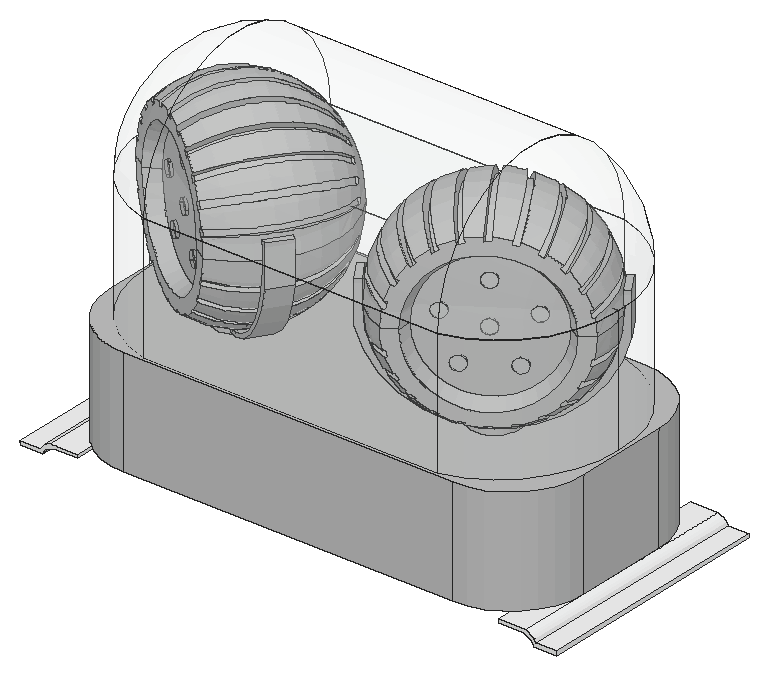
Revit family "DYNRDHL-FP", category Lighting Fixtures, host Face, Revit 2019
Family settings
  Host = Face
  Round Connector Dimension = Use Diameter
  Part Type = Normal
  OmniClass Number = 23.85.80.11.27
  OmniClass Title = Lighting Controls
  Cut with Voids When Loaded = No
  Light Source = No
  Shared = Yes
  Room Calculation Point = No
Parameters
  Width = 9 25/32"
  Wattage Comments = "32 W"
  Warranty = "5 Years Limited"  # constant formula
  Type Comments = "Light Fixture"  # constant formula
  Product Page URL = ""
  Product Documentation Link = ""
  URL = "https://www.currentlighting.com/dual-Lite"
  Model = "DYNRDHL-FP"
  Manufacturer = "Current Lighting"
  Lens Element = Glass
  Lamp = "LED"
  Glass = Glass
  Features = "High lumen, high mounting height\r\n•  Up to 168’ multi-unit spacing\r\n•  90-minute full lumen output\r\n•  Self-test/self-diagnostics standard\r\n•  Wet and NEMA 4X application\r\n•  Food processing option\r\n•  Remote laser tester option\r\n•  Long-life lithium iron phosphate battery\r\n•  CEC T20 compliant\r\n•  Matching remote heads"  # constant formula
  Description = "NEMA 4X HIGH LUMEN INDUSTRIAL LED EMERGENCY LIGHT"  # constant formula
  Depth [instance] = 4"
  Default Elevation = 48"
  Create Date = ""
  Copyright = "© 2022 HLI Solutions, Inc"
  Contact Us = "https://www.currentlighting.com/contact-us"
  Housing Material = Finish - Gray
  Certifications = ""
  Assembly Code = ""
  Apparent Load = 32 VA
  Angle = 90.00°
Reference planes (in)
  plane 1 "Center (Front/Back)": y = 10.63342
  plane 2: z = 0
  plane 3 "Center (Left/Right)": x = 0
  plane 4: z = -4
  plane 5: z = 0.25
  plane 6: x = -4.89062
  plane 7: x = 4.89063
  plane 8: y = 16.43811
  plane 9: y = 4.82873
  plane 10: x = 2.44531
  plane 11: x = -2.44531
  plane 12: y = 7.32873
Forms (in)
  Extrusion 1, solid, material "Finish - Gray" <- "Housing Material"
    sketch origin (0, 0.75, 0) x (1, 0, 0) y (0, 1, 0)
      loop
        arc (-3.64062, 12.01873) -> (-4.52451, 11.65262) -> (-4.89062, 10.76873) r 1.25
        line (-4.89062, 10.76873) -> (-4.89062, 8.57873)
        arc (-4.89062, 8.57873) -> (-4.45129, 7.51807) -> (-3.39062, 7.07873) r 1.5
        line (-3.39062, 7.07873) -> (3.39063, 7.07873)
        arc (3.39063, 7.07873) -> (4.45129, 7.51807) -> (4.89063, 8.57873) r 1.5
        line (4.89063, 8.57873) -> (4.89063, 10.51873)
        arc (4.89063, 10.51873) -> (4.45129, 11.57939) -> (3.39063, 12.01873) r 1.5
        line (3.39063, 12.01873) -> (-3.64062, 12.01873)
    from 2.44992 to 0.25
  Extrusion 2, solid, material "Paint - Matte White"
    sketch origin (0, 10.63342, 0) x (1, 0, 0) y (0, 0, 1)
      loop
        line (-4.33432, 0.25) -> (-4.89062, 0.25)
        spline (-4.89062, 0.25) -> (-4.917, 0.24216) -> (-4.94188, 0.23317) -> (-4.96527, 0.22304) -> (-4.98717, 0.21176) -> (-5.00757, 0.19933) -> (-5.02648, 0.18576) -> (-5.0439, 0.17104) -> (-5.05983, 0.15517) -> (-5.07426, 0.13816) -> (-5.0872, 0.12) -> (-5.09864, 0.1007) -> (-5.1086, 0.08025)
        line (-5.1086, 0.08025) -> (-5.52956, 0.08025) -> (-5.52956, 0) -> (-5.06245, 0)
        spline (-5.06245, 0) -> (-5.05275, 0.02132) -> (-5.04148, 0.04149) -> (-5.02865, 0.06053) -> (-5.01425, 0.07842) -> (-4.99828, 0.09518) -> (-4.98074, 0.11079) -> (-4.96164, 0.12527) -> (-4.94097, 0.1386) -> (-4.91873, 0.1508) -> (-4.89492, 0.16185) -> (-4.86955, 0.17177) -> (-4.84261, 0.18054)
        line (-4.84261, 0.18054) -> (-4.33432, 0.18054) -> (-4.33432, 0.25)
    from 2.80469 to -2.13531
  Extrusion 3, solid, material "Paint - Matte White"
    sketch origin (0, 10.63342, 0) x (-1, 0, 0) y (0, 0, -1)
      loop
        line (-4.33432, -0.25) -> (-4.33432, -0.18054) -> (-4.84261, -0.18054)
        spline (-4.84261, -0.18054) -> (-4.86955, -0.17177) -> (-4.89492, -0.16185) -> (-4.91873, -0.1508) -> (-4.94097, -0.1386) -> (-4.96164, -0.12527) -> (-4.98074, -0.11079) -> (-4.99828, -0.09518) -> (-5.01425, -0.07842) -> (-5.02865, -0.06053) -> (-5.04148, -0.04149) -> (-5.05275, -0.02132) -> (-5.06245, 0)
        line (-5.06245, 0) -> (-5.52956, 0) -> (-5.52956, -0.08025) -> (-5.1086, -0.08025)
        spline (-5.1086, -0.08025) -> (-5.09864, -0.1007) -> (-5.0872, -0.12) -> (-5.07426, -0.13816) -> (-5.05983, -0.15517) -> (-5.0439, -0.17104) -> (-5.02648, -0.18576) -> (-5.00757, -0.19933) -> (-4.98717, -0.21176) -> (-4.96527, -0.22304) -> (-4.94188, -0.23317) -> (-4.917, -0.24216) -> (-4.89062, -0.25)
        line (-4.89062, -0.25) -> (-4.33432, -0.25)
    from 2.80469 to -2.13531
  Extrusion 4, solid, material "Glass" <- "Glass"
    sketch origin (0, 0, 0) x (1, 0, 0) y (0, 1, 0)
      loop
        arc (-3.02515, 12.70509) -> (-4.3609, 11.82766) -> (-4.82621, 10.29873) r 2.34918
        arc (-4.82621, 10.29873) -> (-4.3609, 8.76981) -> (-3.02515, 7.89237) r 2.34918
        line (-3.02515, 7.89237) -> (3.02515, 7.89237)
        arc (3.02515, 7.89237) -> (4.3609, 8.76981) -> (4.82621, 10.29873) r 2.34918
        arc (4.82621, 10.29873) -> (4.3609, 11.82766) -> (3.02515, 12.70509) r 2.34918
        line (3.02515, 12.70509) -> (-3.02515, 12.70509)
    from 5.02994 to 2.44992
  Revolve 5, solid, material "Glass" <- "Glass"
    sketch origin (0, 0, 5.02994) x (1, 0, 0) y (0, 1, 0)
      loop
        line (-3.02515, 7.89237) -> (3.02515, 7.89237)
        arc (3.02515, 7.89237) -> (4.3609, 8.76981) -> (4.82621, 10.29873) r 2.34918
        line (4.82621, 10.29873) -> (-4.82621, 10.29873)
        arc (-4.82621, 10.29873) -> (-4.3609, 8.76981) -> (-3.02515, 7.89237) r 2.34918
      axis (-4.82621, 10.29873) -> (4.82621, 10.29873)
    angle from -180 to 0
Dimensions and locks (in)
  "Depth": plane 2 to plane 4
  plane 5 to plane 4 = 4 1/4"
  equal spacing: plane 6, plane 11, plane 3 "Center (Left/Right)"
  equal spacing: plane 3 "Center (Left/Right)", plane 10, plane 7
  equal spacing: plane 6, plane 3 "Center (Left/Right)", plane 7
  "Width": plane 6 to plane 7
  aligned and locked: plane 2 to host face
  aligned and locked: level to host face
Automatic sketch dimensions
  host sketch curve to host sketch curve = 96"  (x2)
  Extrusion 1 sketch curve to plane 6 = 0"
  Extrusion 1 sketch curve to plane 7 = 0"
  Extrusion 1 sketch curve to plane 1 "Center (Front/Back)" = 0.88531"
  Extrusion 1 sketch curve to plane 11 = 1 25/128"
  Extrusion 1 sketch curve to plane 11 = 121/128"
  plane 10 to Extrusion 1 sketch curve = 121/128"  (x2)
  plane 1 "Center (Front/Back)" to Extrusion 1 sketch curve = 1 39/128"
  Extrusion 2 sketch curve to level = 0"
  Extrusion 2 sketch curve to plane 5 = 0"
  Extrusion 2 sketch curve to plane 6 = 0"
  Extrusion 2 sketch curve to plane 6 = 0.17182"
  Extrusion 2 sketch curve to Extrusion 2 sketch curve = 0.04615"
  Extrusion 2 sketch curve to Extrusion 2 sketch curve = 0.42097"
  plane 6 to Extrusion 2 sketch curve = 0.04802"
  plane 5 to Extrusion 2 sketch curve = 0.06946"
  Extrusion 2 sketch curve to Extrusion 2 sketch curve = 0.50829"
  Extrusion 2 sketch curve to Extrusion 2 sketch curve = 0.08025"
  Extrusion 3 sketch curve to level = 0"
  Extrusion 3 sketch curve to plane 5 = 0"
  Extrusion 3 sketch curve to plane 7 = 0"
  Extrusion 3 sketch curve to plane 7 = 0.17182"
  Extrusion 3 sketch curve to Extrusion 3 sketch curve = 0.04615"
  Extrusion 3 sketch curve to Extrusion 3 sketch curve = 0.42097"
  plane 7 to Extrusion 3 sketch curve = 0.04802"
  Extrusion 3 sketch curve to plane 5 = 0.06946"
  Extrusion 3 sketch curve to Extrusion 3 sketch curve = 0.50829"
  Extrusion 3 sketch curve to Extrusion 3 sketch curve = 0.08025"
  Extrusion 4 sketch curve to plane 11 = 0.57984"  (x2)
  plane 10 to Extrusion 4 sketch curve = 0.57984"  (x2)
  Extrusion 4 sketch curve to plane 12 = 0.56364"
  plane 6 to Revolve 5 sketch curve = 0.06441"
  Revolve 5 sketch curve to plane 11 = 0.57984"
  Revolve 5 sketch curve to plane 11 = 0.03485"
  plane 10 to Revolve 5 sketch curve = 0.03485"
  plane 10 to Revolve 5 sketch curve = 0.57984"
  Revolve 5 sketch curve to plane 7 = 0.06441"
  Revolve 5 sketch curve to plane 12 = 0.56364"
  plane 1 "Center (Front/Back)" to Revolve 5 sketch curve = 0.45596"
  Revolve 5 sketch curve to Revolve 5 sketch curve = 0"  (x3)
  Extrusion 4 sketch curve to plane 11 = 0.03485"  (x2)
  plane 1 "Center (Front/Back)" to Extrusion 4 sketch curve = 0.21342"  (x2)
  plane 6 to Extrusion 4 sketch curve = 0.06441"
  Extrusion 4 sketch curve to Extrusion 4 sketch curve = 0.24254"
  plane 10 to Extrusion 4 sketch curve = 0.03485"  (x2)
  Extrusion 4 sketch curve to plane 7 = 0.06441"
Nested families (in)
  nested 1: "Head" at (-2.6424, 9.84632, 2.44992) x (0.8323, -0.5543, 0) z (0, 0, 1), type "Head"
  nested 2: "Head" at (2.6424, 9.84632, 2.44992) x (-0.8323, -0.5543, 0) z (0, 0, 1), type "Head"
Connectors (in)
  electrical at (0, 10.63342, -4)
    settings: on host face, index 1, voltage 0 V, apparent load 0 VA, apparent load phase1 0 VA, apparent load phase2 0 VA, apparent load phase3 0 VA, power factor 1, load classification "Other", number of poles 1, system type 30, power factor state 1, is connector primary yes, connector utility no, sub classification motor no, connector description "Light Fixture"
Definition of nested family "Head"
  Parameters (values of type "Head")
    Wattage = 8 W
    built-in parameter 1150110 = 1 (stored number, unit not read)
    built-in parameter 1114217 = 1 (stored number, unit not read)
    Tilt Angle = 0.00°
    built-in parameter 1150109 = 1 (stored number, unit not read)
    built-in parameter 1150134 = 3
    built-in parameter 1150113 = 1 (stored number, unit not read)
    Product Material = none
    Photometric Web File = "DYNHL_IES_22.01250.IES"
    built-in parameter 1150105 = 88.013 (stored number, unit not read)
    Lumens = 1106 lm
    built-in parameter 1150115 = 1 (stored number, unit not read)
    built-in parameter 1150137 = (empty or 0)
    built-in parameter 1150139 = (empty or 0)
    built-in parameter 1150112 = 1 (stored number, unit not read)
    built-in parameter 1150114 = 1 (stored number, unit not read)
    built-in parameter 1150132 = (empty or 0)
    built-in parameter 1150102 = (empty or 0)
    built-in parameter 1150107 = 3200 (stored number, unit not read)
    built-in parameter 1150138 = (empty or 0)
    built-in parameter 1150106 = 0.88013 (stored number, unit not read)
    Glass = none
    built-in parameter 1150104 = 12.844 (stored number, unit not read)
    Dimming Lamp Color Temperature Shift = (empty or 0)
    Default Elevation = 48"
    Color Filter = 16777215
    built-in parameter 1114218 = 1 (stored number, unit not read)
    built-in parameter 1150133 = 10 (stored number, unit not read)
  Reference planes (in)
    plane 1 "Center (Front/Back)": y = 0
    plane 2: z = 0
    plane 3 "Center (Left/Right)": x = 0
    plane 4: x = -2.25
    plane 5: x = 2.25
    plane 6: z = 2.23875
  Forms (in)
    Extrusion 1, solid
      sketch origin (0, 0, 0) x (1, 0, 0) y (0, 1, 0)
        loop
          line (-48, 48) -> (-48, -48) -> (48, -48) -> (48, 48) -> (-48, 48)
      from 0 to -12
    Extrusion 2, solid, material <- "Product Material"
      sketch origin (0, 0, -0.03125) x (1, 0, 0) y (0, 0, 1)
        loop
          line (-2.10547, 2.69151) -> (-2.23875, 2.69151) -> (-2.23875, 1.8325)
          arc (-2.23875, 1.8325) -> (0.00586, 0.03124) -> (2.25047, 1.8325) r 2.29917
          line (2.25047, 1.8325) -> (2.25047, 2.69151) -> (2.11719, 2.69151) -> (2.11719, 2.20695)
          arc (2.11719, 2.20695) -> (0.00586, 0.09562) -> (-2.10547, 2.20695) r 2.11133
          line (-2.10547, 2.20695) -> (-2.10547, 2.69151)
      from -0.23423 to 0.27977
    Extrusion 3, solid, material <- "Product Material"
      sketch origin (0, 0, 0) x (1, 0, 0) y (0, 1, 0)
        loop
          circle (0, 0) r 0.5
      from 0 to 0.1072
    Sweep 4, void
      path origin (0, 0, 0.03125) x (0, 1, 0) y (0, 0, 1)
        loop
          arc (-1.16568, 3.91149) -> (0.36456, 4.27499) -> (1.70365, 3.44997) r 2.055
      profile origin (0, 0.36456, 4.30624) x (0, 0.158803, 0.98731) y (1, 0, 0)
        loop
          line (0.1194, 0.07003) -> (-0.08231, 0.07003) -> (-0.08231, -0.07045) -> (0.1194, -0.07045) -> (0.1194, 0.07003)
    Revolve 5, solid, material <- "Product Material"
      sketch origin (-10.73083, -180, 2.27) x (-1, 0, 0) y (0, -1, 0)
        loop
          arc (-10.73083, -181.99505) -> (-8.84397, -180.97502) -> (-8.96558, -178.83355) r 2
          line (-8.96558, -178.83355) -> (-10.73083, -178.83355) -> (-10.73083, -181.99505)
        axis (-10.73083, -181.99505) -> (-10.73083, -178.83355)
      angle from 0 to 360
    Sweep 6, void
      path origin (0.57134, 0, 0.10647) x (0, 1, 0) y (-0.258819, 0, 0.965926)
        loop
          arc (-1.16568, 3.91149) -> (0.36456, 4.27499) -> (1.70365, 3.44997) r 2.055
      profile origin (-0.5351, 0.36456, 4.23579) x (-0.255535, 0.158803, 0.953668) y (0.965926, 0, 0.258819)
        loop
          line (0.1194, 0.07003) -> (-0.08231, 0.07003) -> (-0.08231, -0.07045) -> (0.1194, -0.07045) -> (0.1194, 0.07003)
    Sweep 7, void
      path origin (-0.57134, 0, 0.10647) x (0, 1, 0) y (-0.258819, 0, -0.965926)
        loop
          arc (-1.16568, -3.91149) -> (0.36456, -4.27499) -> (1.70365, -3.44997) r 2.055
      profile origin (0.5351, 0.36456, 4.23579) x (-0.255535, -0.158803, -0.953668) y (-0.965926, 0, 0.258819)
        loop
          line (-0.1194, 0.07003) -> (-0.1194, -0.07045) -> (0.08231, -0.07045) -> (0.08231, 0.07003) -> (-0.1194, 0.07003)
    Sweep 8, void
      path origin (-1.10375, 0, 0.327) x (0, 1, 0) y (-0.5, 0, -0.866025)
        loop
          arc (-1.16568, -3.91149) -> (0.36456, -4.27499) -> (1.70365, -3.44997) r 2.055
      profile origin (1.03374, 0.36456, 4.02924) x (-0.493655, -0.158803, -0.855036) y (-0.866025, 0, 0.5)
        loop
          line (-0.1194, 0.07003) -> (-0.1194, -0.07045) -> (0.08231, -0.07045) -> (0.08231, 0.07003) -> (-0.1194, 0.07003)
    Sweep 9, void
      path origin (1.10375, 0, 0.327) x (0, 1, 0) y (-0.5, 0, 0.866025)
        loop
          arc (-1.16568, 3.91149) -> (0.36456, 4.27499) -> (1.70365, 3.44997) r 2.055
      profile origin (-1.03374, 0.36456, 4.02924) x (-0.493655, 0.158803, 0.855036) y (0.866025, 0, 0.5)
        loop
          line (0.1194, 0.07003) -> (-0.08231, 0.07003) -> (-0.08231, -0.07045) -> (0.1194, -0.07045) -> (0.1194, 0.07003)
    Sweep 10, void
      path origin (1.56094, 0, 0.67781) x (0, 1, 0) y (-0.707107, 0, 0.707107)
        loop
          arc (-1.16568, 3.91149) -> (0.36456, 4.27499) -> (1.70365, 3.44997) r 2.055
      profile origin (-1.46193, 0.36456, 3.70068) x (-0.698134, 0.158803, 0.698134) y (0.707107, 0, 0.707107)
        loop
          line (0.1194, 0.07003) -> (-0.08231, 0.07003) -> (-0.08231, -0.07045) -> (0.1194, -0.07045) -> (0.1194, 0.07003)
    Sweep 11, void
      path origin (-1.56094, 0, 0.67781) x (0, 1, 0) y (-0.707107, 0, -0.707107)
        loop
          arc (-1.16568, -3.91149) -> (0.36456, -4.27499) -> (1.70365, -3.44997) r 2.055
      profile origin (1.46193, 0.36456, 3.70068) x (-0.698134, -0.158803, -0.698134) y (-0.707107, 0, 0.707107)
        loop
          line (-0.1194, 0.07003) -> (-0.1194, -0.07045) -> (0.08231, -0.07045) -> (0.08231, 0.07003) -> (-0.1194, 0.07003)
    Sweep 12, void
      path origin (-1.91175, 0, 1.135) x (0, 1, 0) y (-0.866025, 0, -0.5)
        loop
          arc (-1.16568, -3.91149) -> (0.36456, -4.27499) -> (1.70365, -3.44997) r 2.055
      profile origin (1.79049, 0.36456, 3.27249) x (-0.855036, -0.158803, -0.493655) y (-0.5, 0, 0.866025)
        loop
          line (-0.1194, 0.07003) -> (-0.1194, -0.07045) -> (0.08231, -0.07045) -> (0.08231, 0.07003) -> (-0.1194, 0.07003)
    Sweep 13, void
      path origin (1.91175, 0, 1.135) x (0, 1, 0) y (-0.866025, 0, 0.5)
        loop
          arc (-1.16568, 3.91149) -> (0.36456, 4.27499) -> (1.70365, 3.44997) r 2.055
      profile origin (-1.79049, 0.36456, 3.27249) x (-0.855036, 0.158803, 0.493655) y (0.5, 0, 0.866025)
        loop
          line (0.1194, 0.07003) -> (-0.08231, 0.07003) -> (-0.08231, -0.07045) -> (0.1194, -0.07045) -> (0.1194, 0.07003)
    Sweep 14, void
      path origin (2.13228, 0, 1.66741) x (0, 1, 0) y (-0.965926, 0, 0.258819)
        loop
          arc (-1.16568, 3.91149) -> (0.36456, 4.27499) -> (1.70365, 3.44997) r 2.055
      profile origin (-1.99704, 0.36456, 2.77385) x (-0.953668, 0.158803, 0.255535) y (0.258819, 0, 0.965926)
        loop
          line (0.1194, 0.07003) -> (-0.08231, 0.07003) -> (-0.08231, -0.07045) -> (0.1194, -0.07045) -> (0.1194, 0.07003)
    Sweep 15, void
      path origin (-2.13228, 0, 1.66741) x (0, 1, 0) y (-0.965926, 0, -0.258819)
        loop
          arc (-1.16568, -3.91149) -> (0.36456, -4.27499) -> (1.70365, -3.44997) r 2.055
      profile origin (1.99704, 0.36456, 2.77385) x (-0.953668, -0.158803, -0.255535) y (-0.258819, 0, 0.965926)
        loop
          line (-0.1194, 0.07003) -> (-0.1194, -0.07045) -> (0.08231, -0.07045) -> (0.08231, 0.07003) -> (-0.1194, 0.07003)
    Sweep 16, void
      path origin (0, 0, 4.44625) x (0, 1, 0) y (0, 0, -1)
        loop
          arc (-1.16568, 3.91149) -> (0.36456, 4.27499) -> (1.70365, 3.44997) r 2.055
      profile origin (0, 0.36456, 0.17126) x (0, -0.158803, 0.98731) y (1, 0, 0)
        loop
          line (-0.1194, 0.07003) -> (-0.1194, -0.07045) -> (0.08231, -0.07045) -> (0.08231, 0.07003) -> (-0.1194, 0.07003)
    Sweep 17, void
      path origin (0.57134, 0, 4.37103) x (0, 1, 0) y (0.258819, 0, 0.965926)
        loop
          arc (-1.16568, -3.91149) -> (0.36456, -4.27499) -> (1.70365, -3.44997) r 2.055
      profile origin (-0.5351, 0.36456, 0.24171) x (0.255535, -0.158803, 0.953668) y (0.965926, 0, -0.258819)
        loop
          line (-0.1194, 0.07003) -> (-0.1194, -0.07045) -> (0.08231, -0.07045) -> (0.08231, 0.07003) -> (-0.1194, 0.07003)
    Sweep 18, void
      path origin (-0.57134, 0, 4.37103) x (0, 1, 0) y (0.258819, 0, -0.965926)
        loop
          arc (-1.16568, 3.91149) -> (0.36456, 4.27499) -> (1.70365, 3.44997) r 2.055
      profile origin (0.5351, 0.36456, 0.24171) x (0.255535, 0.158803, -0.953668) y (-0.965926, 0, -0.258819)
        loop
          line (0.1194, 0.07003) -> (-0.08231, 0.07003) -> (-0.08231, -0.07045) -> (0.1194, -0.07045) -> (0.1194, 0.07003)
    Sweep 19, void
      path origin (-1.10375, 0, 4.1505) x (0, 1, 0) y (0.5, 0, -0.866025)
        loop
          arc (-1.16568, 3.91149) -> (0.36456, 4.27499) -> (1.70365, 3.44997) r 2.055
      profile origin (1.03374, 0.36456, 0.44826) x (0.493655, 0.158803, -0.855036) y (-0.866025, 0, -0.5)
        loop
          line (0.1194, 0.07003) -> (-0.08231, 0.07003) -> (-0.08231, -0.07045) -> (0.1194, -0.07045) -> (0.1194, 0.07003)
    Sweep 20, void
      path origin (1.10375, 0, 4.1505) x (0, 1, 0) y (0.5, 0, 0.866025)
        loop
          arc (-1.16568, -3.91149) -> (0.36456, -4.27499) -> (1.70365, -3.44997) r 2.055
      profile origin (-1.03374, 0.36456, 0.44826) x (0.493655, -0.158803, 0.855036) y (0.866025, 0, -0.5)
        loop
          line (-0.1194, 0.07003) -> (-0.1194, -0.07045) -> (0.08231, -0.07045) -> (0.08231, 0.07003) -> (-0.1194, 0.07003)
    Sweep 21, void
      path origin (1.56094, 0, 3.79969) x (0, 1, 0) y (0.707107, 0, 0.707107)
        loop
          arc (-1.16568, -3.91149) -> (0.36456, -4.27499) -> (1.70365, -3.44997) r 2.055
      profile origin (-1.46193, 0.36456, 0.77682) x (0.698134, -0.158803, 0.698134) y (0.707107, 0, -0.707107)
        loop
          line (-0.1194, 0.07003) -> (-0.1194, -0.07045) -> (0.08231, -0.07045) -> (0.08231, 0.07003) -> (-0.1194, 0.07003)
    Sweep 22, void
      path origin (-1.56094, 0, 3.79969) x (0, 1, 0) y (0.707107, 0, -0.707107)
        loop
          arc (-1.16568, 3.91149) -> (0.36456, 4.27499) -> (1.70365, 3.44997) r 2.055
      profile origin (1.46193, 0.36456, 0.77682) x (0.698134, 0.158803, -0.698134) y (-0.707107, 0, -0.707107)
        loop
          line (0.1194, 0.07003) -> (-0.08231, 0.07003) -> (-0.08231, -0.07045) -> (0.1194, -0.07045) -> (0.1194, 0.07003)
    Sweep 23, void
      path origin (-1.91175, 0, 3.3425) x (0, 1, 0) y (0.866025, 0, -0.5)
        loop
          arc (-1.16568, 3.91149) -> (0.36456, 4.27499) -> (1.70365, 3.44997) r 2.055
      profile origin (1.79049, 0.36456, 1.20501) x (0.855036, 0.158803, -0.493655) y (-0.5, 0, -0.866025)
        loop
          line (0.1194, 0.07003) -> (-0.08231, 0.07003) -> (-0.08231, -0.07045) -> (0.1194, -0.07045) -> (0.1194, 0.07003)
    Sweep 24, void
      path origin (1.91175, 0, 3.3425) x (0, 1, 0) y (0.866025, 0, 0.5)
        loop
          arc (-1.16568, -3.91149) -> (0.36456, -4.27499) -> (1.70365, -3.44997) r 2.055
      profile origin (-1.79049, 0.36456, 1.20501) x (0.855036, -0.158803, 0.493655) y (0.5, 0, -0.866025)
        loop
          line (-0.1194, 0.07003) -> (-0.1194, -0.07045) -> (0.08231, -0.07045) -> (0.08231, 0.07003) -> (-0.1194, 0.07003)
    Sweep 25, void
      path origin (2.13228, 0, 2.81009) x (0, 1, 0) y (0.965926, 0, 0.258819)
        loop
          arc (-1.16568, -3.91149) -> (0.36456, -4.27499) -> (1.70365, -3.44997) r 2.055
      profile origin (-1.99704, 0.36456, 1.70365) x (0.953668, -0.158803, 0.255535) y (0.258819, 0, -0.965926)
        loop
          line (-0.1194, 0.07003) -> (-0.1194, -0.07045) -> (0.08231, -0.07045) -> (0.08231, 0.07003) -> (-0.1194, 0.07003)
    Sweep 26, void
      path origin (-2.13228, 0, 2.81009) x (0, 1, 0) y (0.965926, 0, -0.258819)
        loop
          arc (-1.16568, 3.91149) -> (0.36456, 4.27499) -> (1.70365, 3.44997) r 2.055
      profile origin (1.99704, 0.36456, 1.70365) x (0.953668, 0.158803, -0.255535) y (-0.258819, 0, -0.965926)
        loop
          line (0.1194, 0.07003) -> (-0.08231, 0.07003) -> (-0.08231, -0.07045) -> (0.1194, -0.07045) -> (0.1194, 0.07003)
    Blend 27, void
      base sketch origin (0, 0, 0) x (1, 0, 0) y (0, 0, 1)
        loop
          circle (0, 2.23875) r 1.45
      top sketch origin (0, 0, 0) x (1, 0, 0) y (0, 0, 1)
        loop
          circle (0, 2.23875) r 1.3
      from 1.16645 to 0.88158
    Extrusion 28, solid, material <- "Glass"
      sketch origin (0, 0, 0) x (1, 0, 0) y (0, 0, 1)
        loop
          circle (0, 2.23875) r 0.15
        loop
          circle (0, 3.10055) r 0.15
        loop
          circle (0.81962, 2.50506) r 0.15
        loop
          circle (0.50655, 1.54154) r 0.15
        loop
          circle (-0.50655, 1.54154) r 0.15
        loop
          circle (-0.81962, 2.50506) r 0.15
      from 0.88158 to 0.93975
  Cuts and joins
    Sweep 4, Sweep 6, Sweep 7, Sweep 8, Sweep 9, Sweep 10, Sweep 11, Sweep 12, Sweep 13, Sweep 14, Sweep 15, Sweep 16, Sweep 17, Sweep 18, Sweep 19, Sweep 20, Sweep 21, Sweep 22, Sweep 23, Sweep 24, Sweep 25, Sweep 26, Blend 27 cuts Revolve 5
  Lines and regions (in)
    reference lines
      curve 1: line (0, 0, 0) -> (0, -3.6749, 0)
  Dimensions and locks (in)
    aligned and locked: plane 2 to Extrusion 1
    aligned and locked: level to Extrusion 1
